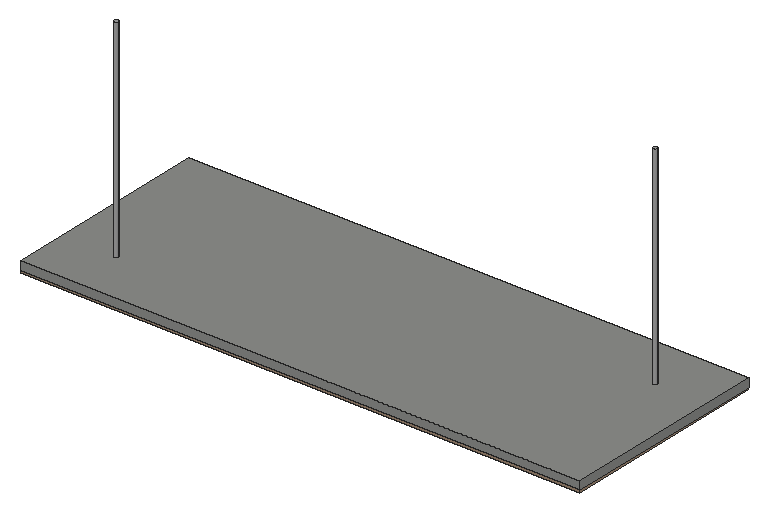
Revit family "Stacked Clouds", category Generic Models, Revit 2021
Family settings
  Can host rebar = No
  Round Connector Dimension = Use Diameter
  Part Type = Normal
  Work Plane-Based = No
  Always vertical = Yes
  Cut with Voids When Loaded = No
  Shared = No
  Room Calculation Point = No
Parameters
  URL = "https://www.csiposhfelt.com/products/stacked-clouds-001"
  Model = "Stacked Clouds 001"
  Material [instance] = PSH002
  Manufacturer = "CSI PoshFelt"
  Default Elevation = 9' - 0"
  Cloud Thickness = 0' - 1"
  Cable Length = 2' - 0"
Reference planes (in)
  plane 1 "Center (Front/Back)": y = 0
  plane 2: z = 0
  plane 3 "Center (Left/Right)": x = 0
Forms (in)
  Extrusion 1, solid, material "PSH002" <- "Material"
    sketch origin (0, 0, 0) x (1, 0, 0) y (0, 1, 0)
      loop
        line (-12, 11.82957) -> (-12, -12.17043) -> (52, -12.17043) -> (52, 11.82957) -> (-12, 11.82957)
    from 0 to 1
  Extrusion 2, solid, material "Steel Cable"
    sketch origin (0, 0, 1) x (1, 0, 0) y (0, 1, 0)
      loop
        circle (46.08521, 5.91479) r 0.25
      loop
        circle (-5.91479, -6.08521) r 0.25
    from 0 to 24
  Extrusion 3, solid, material "ELM001"
    sketch origin (0, 0, 0) x (0, 1, 0) y (1, 0, 0)
      loop
        line (-12.17043, -12) -> (11.82957, -12) -> (11.82957, 52) -> (-12.17043, 52) -> (-12.17043, -12)
      loop
        arc (-6.09025, -10.65268) -> (-1.09025, -8.58162) -> (0.98082, -3.58162) r 7.07107
        arc (0.98082, -3.58162) -> (-4.01918, -5.65268) -> (-6.09025, -10.65268) r 7.07107
      loop
        arc (3.94463, 9.92893) -> (8.94463, 12) -> (11.0157, 17) r 7.07107
        arc (11.0157, 17) -> (6.0157, 14.92893) -> (3.94463, 9.92893) r 7.07107
      loop
        arc (-1.04659, 45.77706) -> (1.02448, 40.77706) -> (6.02448, 38.706) r 7.07107
        arc (6.02448, 38.706) -> (3.95341, 43.706) -> (-1.04659, 45.77706) r 7.07107
      loop
        arc (-7.07107, 24.64174) -> (-2.07107, 26.71281) -> (0, 31.71281) r 7.07107
        arc (0, 31.71281) -> (-5, 29.64174) -> (-7.07107, 24.64174) r 7.07107
      loop
        arc (2.20554, 29.04631) -> (4.27661, 24.04631) -> (9.27661, 21.97524) r 7.07107
        arc (9.27661, 21.97524) -> (7.20554, 26.97524) -> (2.20554, 29.04631) r 7.07107
      loop
        arc (-8.1426, 13.11157) -> (-6.07153, 8.11157) -> (-1.07153, 6.0405) r 7.07107
        arc (-1.07153, 6.0405) -> (-3.1426, 11.0405) -> (-8.1426, 13.11157) r 7.07107
      loop
        arc (1.6082, -0.81402) -> (3.67927, -5.81402) -> (8.67927, -7.88509) r 7.07107
        arc (8.67927, -7.88509) -> (6.6082, -2.88509) -> (1.6082, -0.81402) r 7.07107
      loop
        arc (-10.50563, 42.31103) -> (-5.50563, 44.3821) -> (-3.43456, 49.3821) r 7.07107
        arc (-3.43456, 49.3821) -> (-8.43456, 47.31103) -> (-10.50563, 42.31103) r 7.07107
      loop
        arc (-3.73182, 15.14275) -> (1.26818, 17.21382) -> (3.33925, 22.21382) r 7.07107
        arc (3.33925, 22.21382) -> (-1.66075, 20.14275) -> (-3.73182, 15.14275) r 7.07107
      loop
        arc (2.20554, 8.04631) -> (4.27661, 3.04631) -> (9.27661, 0.97524) r 7.07107
        arc (9.27661, 0.97524) -> (7.20554, 5.97524) -> (2.20554, 8.04631) r 7.07107
      loop
        arc (-7.44177, 41.69047) -> (-5.3707, 36.69047) -> (-0.3707, 34.6194) r 7.07107
        arc (-0.3707, 34.6194) -> (-2.44177, 39.6194) -> (-7.44177, 41.69047) r 7.07107
      loop
        arc (2.52762, 37.04167) -> (4.59869, 32.04167) -> (9.59869, 29.9706) r 7.07107
        arc (9.59869, 29.9706) -> (7.52762, 34.9706) -> (2.52762, 37.04167) r 7.07107
      loop
        arc (3.7555, 51.07638) -> (5.82656, 46.07638) -> (10.82656, 44.00531) r 7.07107
        arc (10.82656, 44.00531) -> (8.7555, 49.00531) -> (3.7555, 51.07638) r 7.07107
      loop
        arc (-6.09025, -1.65268) -> (-1.09025, 0.41838) -> (0.98082, 5.41838) r 7.07107
        arc (0.98082, 5.41838) -> (-4.01918, 3.34732) -> (-6.09025, -1.65268) r 7.07107
      loop
        arc (-11.41506, 27.82661) -> (-6.41506, 29.89768) -> (-4.34399, 34.89768) r 7.07107
        arc (-4.34399, 34.89768) -> (-9.34399, 32.82661) -> (-11.41506, 27.82661) r 7.07107
      loop
        arc (-11.48913, 15.37964) -> (-6.48913, 17.4507) -> (-4.41806, 22.4507) r 7.07107
        arc (-4.41806, 22.4507) -> (-9.41806, 20.37964) -> (-11.48913, 15.37964) r 7.07107
      loop
        arc (-11.5267, -7.50966) -> (-10.49117, -10.00966) -> (-7.99117, -11.04519) r 3.53553
        arc (-7.99117, -11.04519) -> (-9.0267, -8.54519) -> (-11.5267, -7.50966) r 3.53553
      loop
        arc (-1.38386, 14.24173) -> (-0.34833, 11.74173) -> (2.15167, 10.7062) r 3.53553
        arc (2.15167, 10.7062) -> (1.11614, 13.2062) -> (-1.38386, 14.24173) r 3.53553
      loop
        arc (7.67921, 10.01555) -> (8.71475, 7.51555) -> (11.21475, 6.48001) r 3.53553
        arc (11.21475, 6.48001) -> (10.17921, 8.98001) -> (7.67921, 10.01555) r 3.53553
      loop
        arc (-0.84517, 50.1196) -> (0.19037, 47.6196) -> (2.69037, 46.58406) r 3.53553
        arc (2.69037, 46.58406) -> (1.65483, 49.08406) -> (-0.84517, 50.1196) r 3.53553
      loop
        arc (7.96485, 41.30959) -> (9.00038, 38.80959) -> (11.50038, 37.77405) r 3.53553
        arc (11.50038, 37.77405) -> (10.46485, 40.27405) -> (7.96485, 41.30959) r 3.53553
      loop
        arc (-11.8336, 39.44767) -> (-10.79806, 36.94767) -> (-8.29806, 35.91214) r 3.53553
        arc (-8.29806, 35.91214) -> (-9.3336, 38.41214) -> (-11.8336, 39.44767) r 3.53553
      loop
        arc (-10.82765, -4.6188) -> (-9.32765, -3.99748) -> (-8.70633, -2.49748) r 2.12132
        arc (-8.70633, -2.49748) -> (-10.20633, -3.1188) -> (-10.82765, -4.6188) r 2.12132
      loop
        arc (1.46104, -10.34911) -> (2.96104, -9.72779) -> (3.58236, -8.22779) r 2.12132
        arc (3.58236, -8.22779) -> (2.08236, -8.84911) -> (1.46104, -10.34911) r 2.12132
      loop
        arc (4.87338, 17.44218) -> (6.37338, 18.06351) -> (6.9947, 19.56351) r 2.12132
        arc (6.9947, 19.56351) -> (5.4947, 18.94218) -> (4.87338, 17.44218) r 2.12132
      loop
        arc (-2.12132, 24.43689) -> (-0.62132, 25.05821) -> (0, 26.55821) r 2.12132
        arc (0, 26.55821) -> (-1.5, 25.93689) -> (-2.12132, 24.43689) r 2.12132
      loop
        arc (8.48528, 35.04349) -> (9.98528, 35.66481) -> (10.6066, 37.16481) r 2.12132
        arc (10.6066, 37.16481) -> (9.1066, 36.54349) -> (8.48528, 35.04349) r 2.12132
      loop
        arc (-11.64281, 48.11483) -> (-10.14281, 48.73615) -> (-9.52149, 50.23615) r 2.12132
        arc (-9.52149, 50.23615) -> (-11.02149, 49.61483) -> (-11.64281, 48.11483) r 2.12132
      loop
        arc (-11.64281, 0.47983) -> (-10.14281, 1.10115) -> (-9.52149, 2.60115) r 2.12132
        arc (-9.52149, 2.60115) -> (-11.02149, 1.97983) -> (-11.64281, 0.47983) r 2.12132
      loop
        arc (-10.58885, 25.73718) -> (-9.96753, 24.23718) -> (-8.46753, 23.61586) r 2.12132
        arc (-8.46753, 23.61586) -> (-9.08885, 25.11586) -> (-10.58885, 25.73718) r 2.12132
      loop
        arc (-10.58885, 9.73718) -> (-9.96753, 8.23718) -> (-8.46753, 7.61586) r 2.12132
        arc (-8.46753, 7.61586) -> (-9.08885, 9.11586) -> (-10.58885, 9.73718) r 2.12132
      loop
        arc (-8.20647, 5.61077) -> (-7.58515, 4.11077) -> (-6.08515, 3.48945) r 2.12132
        arc (-6.08515, 3.48945) -> (-6.70647, 4.98945) -> (-8.20647, 5.61077) r 2.12132
      loop
        arc (-8.20647, -2.41057) -> (-7.58515, -3.91057) -> (-6.08515, -4.53189) r 2.12132
        arc (-6.08515, -4.53189) -> (-6.70647, -3.03189) -> (-8.20647, -2.41057) r 2.12132
      loop
        arc (7.70588, -0.73812) -> (8.3272, -2.23812) -> (9.8272, -2.85944) r 2.12132
        arc (9.8272, -2.85944) -> (9.20588, -1.35944) -> (7.70588, -0.73812) r 2.12132
      loop
        arc (8.72669, 28.49406) -> (9.34801, 26.99406) -> (10.84801, 26.37274) r 2.12132
        arc (10.84801, 26.37274) -> (10.22669, 27.87274) -> (8.72669, 28.49406) r 2.12132
      loop
        arc (-4.45045, 44.19797) -> (-3.82913, 42.69797) -> (-2.32913, 42.07665) r 2.12132
        arc (-2.32913, 42.07665) -> (-2.95045, 43.57665) -> (-4.45045, 44.19797) r 2.12132
      loop
        arc (0.05596, 34.53394) -> (0.67728, 33.03394) -> (2.17728, 32.41261) r 2.12132
        arc (2.17728, 32.41261) -> (1.55596, 33.91261) -> (0.05596, 34.53394) r 2.12132
      loop
        arc (7.44931, 21.19598) -> (8.07063, 19.69598) -> (9.57063, 19.07466) r 2.12132
        arc (9.57063, 19.07466) -> (8.94931, 20.57466) -> (7.44931, 21.19598) r 2.12132
      loop
        arc (4.81285, -8.93891) -> (5.43417, -10.43891) -> (6.93417, -11.06023) r 2.12132
        arc (6.93417, -11.06023) -> (6.31285, -9.56023) -> (4.81285, -8.93891) r 2.12132
      loop
        arc (8.87822, -10.26936) -> (10.37822, -9.64804) -> (10.99954, -8.14804) r 2.12132
        arc (10.99954, -8.14804) -> (9.49954, -8.76936) -> (8.87822, -10.26936) r 2.12132
      loop
        arc (8.87822, 49.23064) -> (10.37822, 49.85196) -> (10.99954, 51.35196) r 2.12132
        arc (10.99954, 51.35196) -> (9.49954, 50.73064) -> (8.87822, 49.23064) r 2.12132
      loop
        arc (-0.29946, 37.05144) -> (1.20054, 37.67276) -> (1.82186, 39.17276) r 2.12132
        arc (1.82186, 39.17276) -> (0.32186, 38.55144) -> (-0.29946, 37.05144) r 2.12132
      loop
        arc (2.10469, 14.17744) -> (3.60469, 14.79876) -> (4.22602, 16.29876) r 2.12132
        arc (4.22602, 16.29876) -> (2.72602, 15.67744) -> (2.10469, 14.17744) r 2.12132
      loop
        arc (-3.47181, 20.59247) -> (-1.97181, 21.21379) -> (-1.35049, 22.71379) r 2.12132
        arc (-1.35049, 22.71379) -> (-2.85049, 22.09247) -> (-3.47181, 20.59247) r 2.12132
      loop
        arc (-6.97181, 14.53029) -> (-5.47181, 15.15161) -> (-4.85049, 16.65161) r 2.12132
        arc (-4.85049, 16.65161) -> (-6.35049, 16.03029) -> (-6.97181, 14.53029) r 2.12132
    from 0 to 0.25
Lines and regions (in)
  reference lines
    curve 1: line (-12, 19, 0) -> (-12, -19, 0)
    curve 2: line (52, 19, 0) -> (52, -19, 0)
    curve 3: line (-15.55525, 11.82957, 0) -> (56.44475, 11.82957, 0)
    curve 4: line (-15.55525, -12.17043, 0) -> (56.44475, -12.17043, 0)
    curve 5: line (-17, 0, 1) -> (17, 0, 1)
    curve 6: line (-17, 0, 25) -> (17, 0, 25)
Dimensions and locks (in)
  curve 1 to curve 2 = 5' - 4"
  curve 4 to curve 3 = 2' - 0"
  "Cloud Thickness": curve 5 to plane 2
  "Cable Length": curve 6 to curve 5
  aligned and locked: plane 2 to level
  aligned and locked: Extrusion 1 to curve 2
  aligned and locked: curve 1 to Extrusion 1
  aligned and locked: Extrusion 1 to curve 3
  aligned and locked: curve 4 to Extrusion 1
  aligned and locked: Extrusion 1 to plane 2
  aligned and locked: Extrusion 1 to curve 5
  aligned and locked: Extrusion 2 to Extrusion 1
  aligned and locked: Extrusion 2 to curve 6
  aligned and locked: Extrusion 3 sketch curve to curve 2
  aligned and locked: curve 1 to Extrusion 3 sketch curve
  aligned and locked: Extrusion 3 sketch curve to curve 3
  aligned and locked: curve 4 to Extrusion 3 sketch curve
Automatic sketch dimensions
  Extrusion 1 sketch curve to plane 3 "Center (Left/Right)" = 1' - 0"
  plane 3 "Center (Left/Right)" to Extrusion 1 sketch curve = 4' - 4"
  plane 1 "Center (Front/Back)" to Extrusion 1 sketch curve = 1' - 0.17043"
  Extrusion 1 sketch curve to plane 1 "Center (Front/Back)" = 0' - 11.82957"
  Extrusion 2 sketch curve to Extrusion 1 = 0' - 6.08521"  (x2)
  Extrusion 2 sketch curve to Extrusion 1 = 0' - 5.91479"  (x2)
  curve 4 to plane 3 "Center (Left/Right)" = 1' - 3.55525"
  plane 1 "Center (Front/Back)" to curve 1 = 1' - 7"
  curve 3 to plane 3 "Center (Left/Right)" = 1' - 3.55525"
  curve 4 to curve 1 = 0' - 3.55525"
  curve 2 to curve 4 = 0' - 4.44475"
  curve 2 to curve 3 = 0' - 4.44475"
  plane 1 "Center (Front/Back)" to curve 2 = 1' - 7"
  curve 1 to curve 4 = 0' - 6.82957"
  curve 3 to curve 2 = 0' - 7.17043"
  curve 3 to curve 1 = 0' - 7.17043"
  Extrusion 1 to Extrusion 3 sketch curve = 0' - 0.33683"
  Extrusion 1 to Extrusion 3 sketch curve = 0' - 0.52762"  (x2)
  Extrusion 1 to Extrusion 3 sketch curve = 0' - 0.64373"
  Extrusion 1 to Extrusion 3 sketch curve = 0' - 0.6813"
  Extrusion 1 to Extrusion 3 sketch curve = 0' - 0.75537"
  Extrusion 1 to Extrusion 3 sketch curve = 0' - 1.34278"
  Extrusion 3 sketch curve to Extrusion 3 sketch curve = 0' - 0.90028"
  Extrusion 1 to Extrusion 3 sketch curve = 0' - 1.58158"
  Extrusion 3 sketch curve to Extrusion 3 sketch curve = 0' - 1.13718"
  Extrusion 3 sketch curve to Extrusion 3 sketch curve = 0' - 2.12132"  (x13)
  Extrusion 3 sketch curve to Extrusion 3 sketch curve = 0' - 0.98414"
  Extrusion 3 sketch curve to Extrusion 3 sketch curve = 0' - 3.53553"  (x2)
  Extrusion 3 sketch curve to Extrusion 3 sketch curve = 0' - 1.31503"
  Extrusion 3 sketch curve to Extrusion 3 sketch curve = 0' - 0.49986"
  Extrusion 3 sketch curve to Extrusion 3 sketch curve = 0' - 0.06387"
  Extrusion 3 sketch curve to Extrusion 3 sketch curve = 0' - 0.71516"
  Extrusion 3 sketch curve to Extrusion 3 sketch curve = 0' - 0.8563"
  Extrusion 3 sketch curve to Extrusion 3 sketch curve = 0' - 0.3707"
  Extrusion 3 sketch curve to Extrusion 3 sketch curve = 0' - 1.17079"
  Extrusion 3 sketch curve to Extrusion 3 sketch curve = 0' - 2.11622"
  Extrusion 3 sketch curve to Extrusion 3 sketch curve = 0' - 0"  (x3)
  Extrusion 3 sketch curve to Extrusion 3 sketch curve = 0' - 0.0051"  (x2)
  Extrusion 3 sketch curve to Extrusion 3 sketch curve = 0' - 2.99131"
  Extrusion 3 sketch curve to Extrusion 3 sketch curve = 0' - 0.43243"
  Extrusion 3 sketch curve to Extrusion 3 sketch curve = 0' - 2.72707"
  Extrusion 3 sketch curve to Extrusion 3 sketch curve = 0' - 0.68624"
  Extrusion 3 sketch curve to Extrusion 3 sketch curve = 0' - 0.26001"
  Extrusion 3 sketch curve to Extrusion 3 sketch curve = 0' - 1.01589"
  Extrusion 3 sketch curve to Extrusion 3 sketch curve = 0' - 2 57/256"
  Extrusion 3 sketch curve to Extrusion 3 sketch curve = 0' - 2.34795"
  Extrusion 3 sketch curve to Extrusion 3 sketch curve = 0' - 0.31233"
  Extrusion 3 sketch curve to Extrusion 3 sketch curve = 0' - 1.28254"
  Extrusion 3 sketch curve to Extrusion 3 sketch curve = 0' - 0.20142"
  Extrusion 3 sketch curve to Extrusion 3 sketch curve = 0' - 1.95843"
  Extrusion 3 sketch curve to Extrusion 3 sketch curve = 0' - 0.74713"
  Extrusion 3 sketch curve to Extrusion 3 sketch curve = 0' - 0.05596"
  Extrusion 1 to Extrusion 3 sketch curve = 0' - 1.34732"
  Extrusion 3 sketch curve to Extrusion 3 sketch curve = 0' - 7.07107"
  Extrusion 3 sketch curve to Extrusion 3 sketch curve = 0' - 0.48022"
  Extrusion 3 sketch curve to Extrusion 3 sketch curve = 0' - 0.14716"
  Extrusion 3 sketch curve to Extrusion 3 sketch curve = 0' - 3.48856"
  Extrusion 3 sketch curve to Extrusion 3 sketch curve = 0' - 0.04697"
  Extrusion 3 sketch curve to Extrusion 3 sketch curve = 0' - 0.59734"
  Extrusion 3 sketch curve to Extrusion 3 sketch curve = 0' - 2.20554"
  Extrusion 3 sketch curve to Extrusion 3 sketch curve = 0' - 0.32208"
  Extrusion 1 to Extrusion 3 sketch curve = 0' - 1.8804"
  Extrusion 3 sketch curve to Extrusion 3 sketch curve = 0' - 1.18758"
  Extrusion 1 to Extrusion 3 sketch curve = 0' - 1.65089"
  Extrusion 3 sketch curve to Extrusion 3 sketch curve = 0' - 1.06513"
  Extrusion 3 sketch curve to Extrusion 3 sketch curve = 0' - 0.60538"
  Extrusion 3 sketch curve to Extrusion 3 sketch curve = 0' - 0.88676"
  Extrusion 3 sketch curve to Extrusion 3 sketch curve = 0' - 1 59/256"
  Extrusion 3 sketch curve to Extrusion 3 sketch curve = 0' - 0.92875"
  Extrusion 3 sketch curve to Extrusion 3 sketch curve = 0' - 2.26898"
  Extrusion 3 sketch curve to Extrusion 3 sketch curve = 0' - 0.45461"
  Extrusion 1 to Extrusion 3 sketch curve = 0' - 4.15036"
  Extrusion 1 to Extrusion 3 sketch curve = 0' - 4.12369"
  Extrusion 3 sketch curve to Extrusion 3 sketch curve = 0' - 1.94037"
  Extrusion 3 sketch curve to Extrusion 3 sketch curve = 0' - 0.52044"
  Extrusion 3 sketch curve to Extrusion 3 sketch curve = 0' - 0.97338"
  Extrusion 1 to Extrusion 3 sketch curve = 0' - 3.10288"
  Extrusion 3 sketch curve to Extrusion 3 sketch curve = 0' - 0.19895"
  Extrusion 1 to Extrusion 3 sketch curve = 0' - 0.64804"
  Extrusion 1 to Extrusion 3 sketch curve = 0' - 2.95135"
  Extrusion 3 sketch curve to Extrusion 3 sketch curve = 0' - 1.5974"
  Extrusion 3 sketch curve to Extrusion 3 sketch curve = 0' - 0.54991"
  Extrusion 3 sketch curve to Extrusion 3 sketch curve = 0' - 0.29402"
  Extrusion 3 sketch curve to Extrusion 3 sketch curve = 0' - 1.11341"
  Extrusion 3 sketch curve to Extrusion 3 sketch curve = 0' - 1.14794"
  Extrusion 1 to Extrusion 3 sketch curve = 0' - 1.22297"
  Extrusion 1 to Extrusion 3 sketch curve = 0' - 1.00301"
  Extrusion 1 to Extrusion 3 sketch curve = 0' - 0.98156"
  Extrusion 1 to Extrusion 3 sketch curve = 0' - 0.83003"  (x2)
  Extrusion 1 to Extrusion 3 sketch curve = 0' - 0.81387"
  Extrusion 3 sketch curve to Extrusion 3 sketch curve = 0' - 0.19905"
  Extrusion 1 to Extrusion 3 sketch curve = 0' - 0.32919"
  Extrusion 3 sketch curve to Extrusion 3 sketch curve = 0' - 0.27558"
  Extrusion 1 to Extrusion 3 sketch curve = 0' - 1.76385"
  Extrusion 3 sketch curve to Extrusion 3 sketch curve = 0' - 0.85405"
  Extrusion 3 sketch curve to Extrusion 3 sketch curve = 0' - 1.77176"
  Extrusion 3 sketch curve to Extrusion 3 sketch curve = 0' - 1.57909"
  Extrusion 3 sketch curve to Extrusion 3 sketch curve = 0' - 0.38619"
  Extrusion 3 sketch curve to Extrusion 3 sketch curve = 0' - 2.69572"
  Extrusion 3 sketch curve to Extrusion 3 sketch curve = 0' - 2.2428"
  Extrusion 3 sketch curve to Extrusion 3 sketch curve = 0' - 0.46677"
  Extrusion 3 sketch curve to Extrusion 3 sketch curve = 0' - 0.60924"
  Extrusion 3 sketch curve to Extrusion 3 sketch curve = 0' - 0.12315"
  Extrusion 3 sketch curve to Extrusion 3 sketch curve = 0' - 1.01445"
  Extrusion 3 sketch curve to Extrusion 3 sketch curve = 0' - 2.50773"
  Extrusion 3 sketch curve to Extrusion 3 sketch curve = 0' - 2.90659"
  Extrusion 3 sketch curve to Extrusion 3 sketch curve = 0' - 0.92429"
  Extrusion 3 sketch curve to Extrusion 3 sketch curve = 0' - 0.55224"
  Extrusion 3 sketch curve to Extrusion 3 sketch curve = 0' - 1.2684"
  Extrusion 3 sketch curve to Extrusion 3 sketch curve = 0' - 1.09543"
  Extrusion 3 sketch curve to Extrusion 3 sketch curve = 0' - 1.7231"
  Extrusion 3 sketch curve to Extrusion 3 sketch curve = 0' - 1.16515"
  Extrusion 3 sketch curve to Extrusion 3 sketch curve = 0' - 0.49997"
  Extrusion 3 sketch curve to Extrusion 3 sketch curve = 0' - 0.77926"
  Extrusion 3 sketch curve to Extrusion 3 sketch curve = 0' - 0.48884"
  Extrusion 3 sketch curve to Extrusion 3 sketch curve = 0' - 0.44218"
  Extrusion 3 sketch curve to Extrusion 3 sketch curve = 0' - 1.27198"
  Extrusion 3 sketch curve to Extrusion 3 sketch curve = 0' - 1.15601"
  Extrusion 3 sketch curve to Extrusion 3 sketch curve = 0' - 0.06429"
  Extrusion 3 sketch curve to Extrusion 3 sketch curve = 0' - 1.13016"
  Extrusion 3 sketch curve to Extrusion 3 sketch curve = 0' - 0.08661"
  Extrusion 3 sketch curve to Extrusion 3 sketch curve = 0' - 3.37439"
  Extrusion 3 sketch curve to Extrusion 3 sketch curve = 0' - 1.56629"
  Extrusion 3 sketch curve to Extrusion 3 sketch curve = 0' - 0.42973"
  Extrusion 3 sketch curve to Extrusion 3 sketch curve = 0' - 0.19239"
  Extrusion 3 sketch curve to Extrusion 3 sketch curve = 0' - 0.8883"
  Extrusion 3 sketch curve to Extrusion 3 sketch curve = 0' - 1.71336"
  Extrusion 3 sketch curve to Extrusion 3 sketch curve = 0' - 0.0759"
  Extrusion 3 sketch curve to Extrusion 3 sketch curve = 0' - 0.75789"
  Extrusion 3 sketch curve to Extrusion 3 sketch curve = 0' - 0.0869"
  Extrusion 3 sketch curve to Extrusion 3 sketch curve = 0' - 2.89086"
  Extrusion 3 sketch curve to Extrusion 3 sketch curve = 0' - 0.26296"
  Extrusion 3 sketch curve to Extrusion 3 sketch curve = 0' - 1.05382"
  curve 6 to plane 3 "Center (Left/Right)" = 1' - 5"
  curve 5 to plane 3 "Center (Left/Right)" = 1' - 5"
  plane 3 "Center (Left/Right)" to curve 6 = 1' - 5"
  plane 3 "Center (Left/Right)" to curve 5 = 1' - 5"
  radius of Extrusion 2 sketch curve = 0' - 0 1/4"  (x2)
